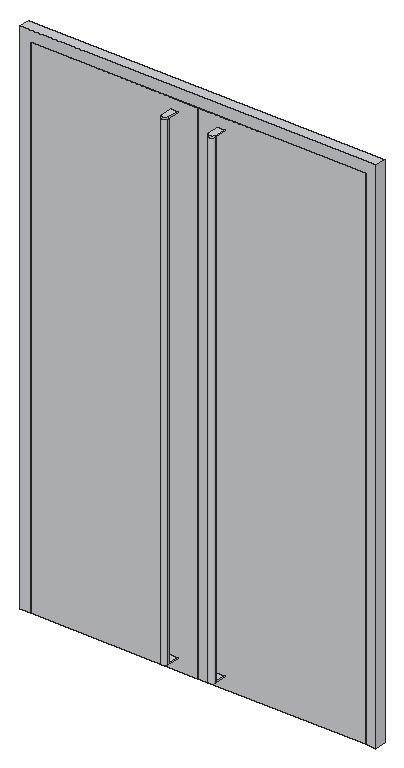
Revit family "CP-DR_2PI_Pivot Door", category Doors, Revit 2021
Family settings
  OmniClass Number = 23.25.20.14.11.11.17
  OmniClass Title = Infill Panels
  Always vertical = Yes
  Cut with Voids When Loaded = No
  Shared = No
  Room Calculation Point = Yes
Parameters (values of type "50_Off0_DS")
  YN_PanicBar = no
  YN_Opening_Symmetrical = yes
  YN_Opening_DoubleSide = yes
  YN_Handle_Internal = yes
  YN_Handle_External = yes
  Thickness = 0 mm  # constant formula
  TX_TypeCode = ""
  TX_Host [instance] = ""
  MA_Panel = none
  MA_Handle = none
  MA_Frame = none
  Function = Interior
  Description = "Porta a due ante simmetriche a bilico va e vieni."
  Define Thermal Properties by = Schematic Type
  DI_Width_Rough [instance] = 1663.8 mm
  DI_Width_Clear [instance] = DI_Width - (DI_Hinge_OffsetX * 2) - DI_Panel_Thickness  # 1233.8 mm
  DI_Width [instance] = DI_Width_Rough - (DI_Frame_Width * 2)  # 1563.8 mm
  DI_Penel_OffsetYC = 300 mm + DI_Panel_OffsetY  # 300 mm
  DI_Panel_Thickness = 50 mm
  DI_Panel_OffsetY = 0 mm
  DI_Panel_Height [instance] = DI_Height  # 2388.4 mm
  DI_Panel2_Width = 1200 mm
  DI_Panel1_Width [instance] = DI_Width - DI_Panel2_WidthC  # 781.9 mm
  DI_Opening_Angle = 90.00°
  DI_Panel2_WidthC [instance] = if(YN_Opening_Symmetrical, DI_Width / 2, DI_Panel2_Width)  # 781.9 mm
  DI_Hinge_OffsetX = 140 mm
  DI_Height_Rough [instance] = 2438.4 mm
  DI_Height_Clear [instance] = DI_Height  # 2388.4 mm
  DI_Height [instance] = DI_Height_Rough - DI_Frame_Width  # 2388.4 mm
  DI_Handle_OffsetZ = 50 mm
  DI_Handle_OffsetX = 250 mm
  DI_Handle2_Width [instance] = DI_Panel2_WidthC - DI_Hinge_OffsetX  # 641.9 mm
  DI_Handle1_Width [instance] = DI_Panel1_Width - DI_Hinge_OffsetX  # 641.9 mm
  DI_Frame_Width = 50 mm
  DI_Frame_Thickness = DI_Panel_Thickness  # 50 mm
  DI_Angle = 0.00°
  Analytic Construction = "<None>"
Types (12, lengths in mm): name | YN_PanicBar | YN_Opening_Symmetrical | YN_Opening_DoubleSide | YN_Handle_Internal | Function | Description | DI_Penel_OffsetYC | DI_Panel_OffsetY | DI_Panel1_Width | DI_Panel2_WidthC | DI_Handle2_Width | DI_Handle1_Width
  50_Off0_DS | no | yes | yes | yes | Interior | "Porta a due ante simmetriche a bilico va e vieni." | 300 | 0 | 781.9 | 781.9 | 641.9 | 641.9
  50_Off150_DS | no | yes | yes | yes | Interior | "Porta a due ante simmetriche a bilico va e vieni." | 450 | 150 | 781.9 | 781.9 | 641.9 | 641.9
  50_Off0_PB | yes | yes | no | no | Interior | "Porta a due ante simmetriche a bilico, con maniglione." | 300 | 0 | 781.9 | 781.9 | 641.9 | 641.9
  50_Off0 | no | yes | no | yes | Interior | "Porta a due ante simmetriche a bilico." | 300 | 0 | 781.9 | 781.9 | 641.9 | 641.9
  50_Off150_PB | yes | yes | no | no | Interior | "Porta a due ante simmetriche a bilico, con maniglione." | 450 | 150 | 781.9 | 781.9 | 641.9 | 641.9
  50_Off150 | no | yes | no | yes | Interior | "Porta a due ante simmetriche a bilico." | 450 | 150 | 781.9 | 781.9 | 641.9 | 641.9
  (1200+x)_50_Off0_DS | no | no | yes | yes | Interior | "Porta a due ante asimmetriche a bilico va e vieni." | 300 | 0 | 363.8 | 1200 | 1060 | 223.8
  (1200+x)_50_Off150_DS | no | no | yes | yes | Interior | "Porta a due ante asimmetriche a bilico va e vieni." | 450 | 150 | 363.8 | 1200 | 1060 | 223.8
  (1200+x)_50_Off0_PB | yes | no | no | no | Interior | "Porta a due ante asimmetriche a bilico, con maniglione." | 300 | 0 | 363.8 | 1200 | 1060 | 223.8
  (1200+x)_50_Off0 | no | no | no | yes | Interior | "Porta a due ante asimmetriche a bilico." | 300 | 0 | 363.8 | 1200 | 1060 | 223.8
  (1200+x)_50_Off150_PB | yes | no | no | no | Exterior | "Porta a due ante asimmetriche a bilico, con maniglione." | 450 | 150 | 363.8 | 1200 | 1060 | 223.8
  (1200+x)_50_Off150 | no | no | no | yes | Interior | "Porta a due ante asimmetriche a bilico." | 450 | 150 | 363.8 | 1200 | 1060 | 223.8
Reference planes
  plane 1 "Front": y = 0
  plane 2: z = 0
  plane 3 "Center (Left/Right)": x = 0
  plane 4 "Left": x = -831.877
  plane 5 "Right": x = 831.923
  plane 6 "Top": z = 2438.4
  plane 7 "Front Panel": y = 0
  plane 8 "Back Panel": y = 50
  plane 9 "Posizione Cerniera Y": x = -641.877
  plane 10 "MidllePanel": y = 25
  plane 11 "Posizione Cerniera Z": x = 641.877
  plane 12 "Origin offset": y = -300
  plane 13 "Panel Right": x = 781.923
  plane 14 "Q": x = -781.877
Lines and regions (mm)
  reference lines
    curve 1: line (-641.877, 25, 0) -> (18.123, 25, 0)
    curve 2: line (-641.877, 25, 0) -> (-641.877, 605, 0)
    curve 3: line (-641.877, 25, 0) -> (-641.877, -575, 0)
    curve 4: line (641.877, 25, 0) -> (21.877, 25, 0)
    curve 5: line (641.877, 25, 0) -> (641.877, 605, 0)
    curve 6: line (641.877, 25, 0) -> (641.877, -575, 0)
Text (mm)
  text "Exterior" at (-1379.057, 797.241, 0), in view "Ref. Level"
  text "Exterior" at (12192, 1055.114, 2275.943), in view "Right"
  text "Exterior" at (-6096, 1468.734, 2687.031), in view "Left"
  text "PAN. 1" at (-370.607, 1010.162, 0), in view "Ref. Level"
  text "PAN. 2" at (318.045, 1010.162, 0), in view "Ref. Level"
Dimensions and locks
  "DI_Panel_Thickness": plane 8 "Back Panel" to plane 7 "Front Panel"
  "DI_Hinge_OffsetX": plane 14 "Q" to plane 9 "Posizione Cerniera Y"
  equal spacing: plane 8 "Back Panel", plane 10 "MidllePanel", plane 7 "Front Panel"
  "DI_Height_Rough": plane 2 to plane 6 "Top"
  equal spacing: plane 9 "Posizione Cerniera Y", plane 3 "Center (Left/Right)", plane 11 "Posizione Cerniera Z"
  "DI_Penel_OffsetYC": plane 7 "Front Panel" to plane 12 "Origin offset"
  locked: plane 1 "Front" to plane 12 "Origin offset" at 300
  "DI_Width_Rough": plane 4 "Left" to plane 5 "Right"
  "DI_Frame_Width": plane 13 "Panel Right" to plane 5 "Right"
  "DI_Frame_Width": plane 4 "Left" to plane 14 "Q"
  "DI_Angle": angle plane 10 "MidllePanel" to curve 1
  "DI_Opening_Angle": angle plane 10 "MidllePanel" to curve 2
  "DI_Opening_Angle": angle curve 3 to plane 10 "MidllePanel"
  "DI_Opening_Angle": angle curve 5 to plane 10 "MidllePanel"
  "DI_Angle": angle curve 4 to plane 10 "MidllePanel"
  "DI_Opening_Angle": angle plane 10 "MidllePanel" to curve 6
  aligned and locked: level to plane 2
  aligned and locked: plane 9 "Posizione Cerniera Y" to curve 2
  aligned and locked: plane 10 "MidllePanel" to curve 3
  aligned and locked: plane 10 "MidllePanel" to curve 6
  aligned and locked: plane 11 "Posizione Cerniera Z" to curve 5
  aligned and locked: plane 3 "Center (Left/Right)" to nested 13
  aligned and locked: nested 13 to plane 10 "MidllePanel"
Nested families
  nested 1: "DR.PN_Panel Pivot" at (-390.927, 25, 0), DI_Panel_Thickness <- "DI_Panel_Thickness", DI_PivotHinge_Offset <- "DI_Hinge_OffsetX", DI_Opening_Projection_Angle <- "DI_Opening_Angle", DI_Panel_Height <- "DI_Panel_Height", YN_DoubleSideOpening <- "YN_Opening_DoubleSide", DI_Panel_Width <- "DI_Panel1_Width", MA_Panel <- "MA_Panel", type "Pivot"
    with YN_DoubleSideOpening yes, Thickness 0 mm, MA_Panel none, DI_PivotHinge_Offset 140 mm, DI_Panel_Width 781.9 mm, DI_Panel_Thickness 50 mm, DI_Panel_Height 2388.4 mm, DI_Opening_Projection_Angle 90.00°
  nested 2: "DR.PN_Panel Pivot" at (-641.877, 275.95, 0) x (0, 1, 0) z (0, 0, 1), DI_Panel_Height <- "DI_Panel_Height", DI_Panel_Thickness <- "DI_Panel_Thickness", DI_PivotHinge_Offset <- "DI_Hinge_OffsetX", DI_Opening_Projection_Angle <- "DI_Opening_Angle", YN_DoubleSideOpening <- "YN_Opening_DoubleSide", DI_Panel_Width <- "DI_Panel1_Width", type "Pivot_Projection"
    with YN_DoubleSideOpening yes, Thickness 0 mm, MA_Panel none, DI_PivotHinge_Offset 140 mm, DI_Panel_Width 781.9 mm, DI_Panel_Thickness 50 mm, DI_Panel_Height 2388.4 mm, DI_Opening_Projection_Angle 90.00°
  nested 3: "DR.PN_Panel Pivot" at (-641.877, -225.95, 0) x (0, -1, 0) z (0, 0, 1), DI_Panel_Height <- "DI_Panel_Height", DI_Panel_Thickness <- "DI_Panel_Thickness", DI_PivotHinge_Offset <- "DI_Hinge_OffsetX", visible <- "YN_Opening_DoubleSide", DI_Panel_Width <- "DI_Panel1_Width", type "Pivot_Projection"
    with YN_DoubleSideOpening no, Thickness 0 mm, MA_Panel none, DI_PivotHinge_Offset 140 mm, DI_Panel_Width 781.9 mm, DI_Panel_Thickness 50 mm, DI_Panel_Height 2388.4 mm, DI_Opening_Projection_Angle 90.00°
  nested 4: "DR.PN_Panel Pivot" at (390.927, 25, 0) x (-1, 0, 0) z (0, 0, 1), DI_Panel_Thickness <- "DI_Panel_Thickness", DI_PivotHinge_Offset <- "DI_Hinge_OffsetX", DI_Opening_Projection_Angle <- "DI_Opening_Angle", DI_Panel_Height <- "DI_Panel_Height", YN_DoubleSideOpening <- "YN_Opening_DoubleSide", DI_Panel_Width <- "DI_Panel2_WidthC", MA_Panel <- "MA_Panel", type "Pivot"
    with YN_DoubleSideOpening yes, Thickness 0 mm, MA_Panel none, DI_PivotHinge_Offset 140 mm, DI_Panel_Width 781.9 mm, DI_Panel_Thickness 50 mm, DI_Panel_Height 2388.4 mm, DI_Opening_Projection_Angle 90.00°
  nested 5: "DR.PN_Panel Pivot" at (641.877, 275.95, 0) x (0, 1, 0) z (0, 0, 1), DI_Panel_Height <- "DI_Panel_Height", DI_Panel_Thickness <- "DI_Panel_Thickness", DI_PivotHinge_Offset <- "DI_Hinge_OffsetX", DI_Opening_Projection_Angle <- "DI_Opening_Angle", YN_DoubleSideOpening <- "YN_Opening_DoubleSide", DI_Panel_Width <- "DI_Panel2_WidthC", type "Pivot_Projection"
    with YN_DoubleSideOpening yes, Thickness 0 mm, MA_Panel none, DI_PivotHinge_Offset 140 mm, DI_Panel_Width 781.9 mm, DI_Panel_Thickness 50 mm, DI_Panel_Height 2388.4 mm, DI_Opening_Projection_Angle 90.00°
  nested 6: "DR.PN_Panel Pivot" at (641.877, -225.95, 0) x (0, -1, 0) z (0, 0, 1), DI_Panel_Height <- "DI_Panel_Height", DI_Panel_Thickness <- "DI_Panel_Thickness", DI_PivotHinge_Offset <- "DI_Hinge_OffsetX", visible <- "YN_Opening_DoubleSide", DI_Panel_Width <- "DI_Panel2_WidthC", type "Pivot_Projection"
    with YN_DoubleSideOpening no, Thickness 0 mm, MA_Panel none, DI_PivotHinge_Offset 140 mm, DI_Panel_Width 781.9 mm, DI_Panel_Thickness 50 mm, DI_Panel_Height 2388.4 mm, DI_Opening_Projection_Angle 90.00°
  nested 7: "DR.HA_Handle_Pole_HW" at (616.877, 25, 0) x (0, -1, 0) z (0, 0, 1), DI_Panel_Height <- "DI_Panel_Height", DI_Panel_Thickness <- "DI_Panel_Thickness", visible <- "YN_Opening_DoubleSide", DI_Panel_Width <- "DI_Panel2_WidthC", DI_Handle_OffsetX <- "DI_Handle_OffsetX", YN_Handle_External <- "YN_Handle_External", YN_Handle_Internal <- "YN_Handle_Internal", type "Projection"
    with YN_Handle_Internal yes, YN_Handle_External yes, MA_Handle none, DI_Panel_Width 781.9 mm, DI_Panel_Thickness 50 mm, DI_Panel_OffsetYC 25 mm, DI_Panel_OffsetY 0 mm, DI_Panel_Height 2388.4 mm, DI_Handle_OffsetX 250 mm, DI_Handle_HeightC 388.4 mm, DI_Handle_Height 148.093 mm, YN_Opening_Pivot yes
  nested 8: "DR.HA_Handle_Pole_HW" at (666.877, 25, 0) x (0, 1, 0) z (0, 0, 1), DI_Panel_Height <- "DI_Panel_Height", DI_Panel_Thickness <- "DI_Panel_Thickness", DI_Panel_Width <- "DI_Panel2_WidthC", DI_Handle_OffsetX <- "DI_Handle_OffsetX", YN_Handle_External <- "YN_Handle_External", YN_Handle_Internal <- "YN_Handle_Internal", type "Projection"
    with YN_Handle_Internal yes, YN_Handle_External yes, MA_Handle none, DI_Panel_Width 781.9 mm, DI_Panel_Thickness 50 mm, DI_Panel_OffsetYC 25 mm, DI_Panel_OffsetY 0 mm, DI_Panel_Height 2388.4 mm, DI_Handle_OffsetX 250 mm, DI_Handle_HeightC 388.4 mm, DI_Handle_Height 148.093 mm, YN_Opening_Pivot yes
  nested 9: "DR.HA_Handle_Pole_HW" at (-616.877, 25, 0) x (0, -1, 0) z (0, 0, 1), DI_Panel_Height <- "DI_Panel_Height", DI_Panel_Thickness <- "DI_Panel_Thickness", visible <- "YN_Opening_DoubleSide", DI_Panel_Width <- "DI_Panel1_Width", DI_Handle_OffsetX <- "DI_Handle_OffsetX", YN_Handle_External <- "YN_Handle_External", YN_Handle_Internal <- "YN_Handle_Internal", type "Projection"
    with YN_Handle_Internal yes, YN_Handle_External yes, MA_Handle none, DI_Panel_Width 781.9 mm, DI_Panel_Thickness 50 mm, DI_Panel_OffsetYC 25 mm, DI_Panel_OffsetY 0 mm, DI_Panel_Height 2388.4 mm, DI_Handle_OffsetX 250 mm, DI_Handle_HeightC 388.4 mm, DI_Handle_Height 148.093 mm, YN_Opening_Pivot yes
  nested 10: "DR.HA_Handle_Pole_HW" at (-666.877, 25, 0) x (0, 1, 0) z (0, 0, 1), DI_Panel_Height <- "DI_Panel_Height", DI_Panel_Thickness <- "DI_Panel_Thickness", DI_Panel_Width <- "DI_Panel1_Width", DI_Handle_OffsetX <- "DI_Handle_OffsetX", YN_Handle_External <- "YN_Handle_External", YN_Handle_Internal <- "YN_Handle_Internal", type "Projection"
    with YN_Handle_Internal yes, YN_Handle_External yes, MA_Handle none, DI_Panel_Width 781.9 mm, DI_Panel_Thickness 50 mm, DI_Panel_OffsetYC 25 mm, DI_Panel_OffsetY 0 mm, DI_Panel_Height 2388.4 mm, DI_Handle_OffsetX 250 mm, DI_Handle_HeightC 388.4 mm, DI_Handle_Height 148.093 mm, YN_Opening_Pivot yes
  nested 11: "DR.HA_Handle_Pole_HW" at (641.877, 50, 0) x (-1, 0, 0) z (0, 0, 1), DI_Panel_Thickness <- "DI_Panel_Thickness", DI_Panel_Height <- "DI_Panel_Height", DI_Panel_Width <- "DI_Panel2_WidthC", DI_Handle_OffsetX <- "DI_Handle_OffsetX", MA_Handle <- "MA_Handle", YN_Handle_External <- "YN_Handle_External", YN_Handle_Internal <- "YN_Handle_Internal", type "Cut"
    with YN_Handle_Internal yes, YN_Handle_External yes, MA_Handle none, DI_Panel_Width 781.9 mm, DI_Panel_Thickness 50 mm, DI_Panel_OffsetYC 25 mm, DI_Panel_OffsetY 0 mm, DI_Panel_Height 2388.4 mm, DI_Handle_OffsetX 250 mm, DI_Handle_HeightC 2288.4 mm, DI_Handle_Height 500 mm, YN_Opening_Pivot yes
  nested 12: "DR.HA_Handle_Pole_HW" at (-641.877, 50, 0), DI_Panel_Thickness <- "DI_Panel_Thickness", DI_Panel_Height <- "DI_Panel_Height", DI_Panel_Width <- "DI_Panel1_Width", DI_Handle_OffsetX <- "DI_Handle_OffsetX", MA_Handle <- "MA_Handle", YN_Handle_External <- "YN_Handle_External", YN_Handle_Internal <- "YN_Handle_Internal", type "Cut"
    with YN_Handle_Internal yes, YN_Handle_External yes, MA_Handle none, DI_Panel_Width 781.9 mm, DI_Panel_Thickness 50 mm, DI_Panel_OffsetYC 25 mm, DI_Panel_OffsetY 0 mm, DI_Panel_Height 2388.4 mm, DI_Handle_OffsetX 250 mm, DI_Handle_HeightC 2288.4 mm, DI_Handle_Height 500 mm, YN_Opening_Pivot yes
  nested 13: "DR.FR_Generic Frame" at (0, 25, 0), DI_Width <- "DI_Width_Rough", DI_Height <- "DI_Height_Rough", DI_Frame_Thickness <- "DI_Frame_Thickness", DI_Frame_Width <- "DI_Frame_Width", type "0"
    with built-in parameter 1001301 0 mm, Thickness 0 mm, MA_Frame none, built-in parameter 1001300 0 mm, DI_Width 1663.8 mm, DI_Height 2438.4 mm, DI_Frame_Width 50 mm, DI_Frame_Thickness 50 mm
  nested 14: "DR.HA_Handle_Panicbar_HW" at (713.374, 25, 0) x (0, 1, 0) z (0, 0, 1), DI_Panel_Thickness <- "DI_Panel_Thickness", DI_Panel_Width <- "DI_Handle2_Width", YN_Handle_Internal <- "YN_PanicBar", type "Projection"
    with YN_Handle_Internal no, YN_Handle_External no, MA_Handle none, DI_Panel_Width 641.9 mm, DI_Panel_Thickness 50 mm, DI_Panel_OffsetYC 25 mm, DI_Panel_OffsetY 0 mm, DI_Handle_OffsetZ 1000 mm, DI_Handle_OffsetX 320.95 mm, YN_Opening_Pivot yes
  nested 15: "DR.HA_Handle_Panicbar_HW" at (-713.374, 25, 0) x (0, 1, 0) z (0, 0, 1), DI_Panel_Thickness <- "DI_Panel_Thickness", DI_Panel_Width <- "DI_Handle1_Width", YN_Handle_Internal <- "YN_PanicBar", type "Projection"
    with YN_Handle_Internal no, YN_Handle_External no, MA_Handle none, DI_Panel_Width 641.9 mm, DI_Panel_Thickness 50 mm, DI_Panel_OffsetYC 25 mm, DI_Panel_OffsetY 0 mm, DI_Handle_OffsetZ 1000 mm, DI_Handle_OffsetX 320.95 mm, YN_Opening_Pivot yes
  nested 16: "DR.HA_Handle_Panicbar_HW" at (641.877, 96.497, 0) x (-1, 0, 0) z (0, 0, 1), DI_Panel_Thickness <- "DI_Panel_Thickness", DI_Panel_Width <- "DI_Handle2_Width", YN_Handle_Internal <- "YN_PanicBar", type "Cut"
    with YN_Handle_Internal no, YN_Handle_External no, MA_Handle none, DI_Panel_Width 641.9 mm, DI_Panel_Thickness 50 mm, DI_Panel_OffsetYC 25 mm, DI_Panel_OffsetY 0 mm, DI_Handle_OffsetZ 900 mm, DI_Handle_OffsetX 320.95 mm, YN_Opening_Pivot yes
  nested 17: "DR.HA_Handle_Panicbar_HW" at (-641.877, 96.497, 0), DI_Panel_Thickness <- "DI_Panel_Thickness", DI_Panel_Width <- "DI_Handle1_Width", YN_Handle_Internal <- "YN_PanicBar", type "Cut"
    with YN_Handle_Internal no, YN_Handle_External no, MA_Handle none, DI_Panel_Width 641.9 mm, DI_Panel_Thickness 50 mm, DI_Panel_OffsetYC 25 mm, DI_Panel_OffsetY 0 mm, DI_Handle_OffsetZ 900 mm, DI_Handle_OffsetX 320.95 mm, YN_Opening_Pivot yes
Definition of nested family "DR.PN_Panel Pivot"
  Parameters (values of type "Pivot_Projection")
    YN_Swing = not(YN_Panel_Projection)  # no
    YN_Panel_Projection = yes
    YN_Panel = not(YN_Panel_Projection)  # no
    YN_DoubleSideOpening [instance] = no
    YN_3D = not(YN_Panel_Projection)  # no
    Width = 0 mm  # constant formula
    Thickness [instance] = 0 mm  # constant formula
    Rough Width = 0 mm  # constant formula
    Rough Height = 0 mm  # constant formula
    MA_Panel [instance] = none
    Height = 0 mm  # constant formula
    Define Thermal Properties by = 1
    Default Elevation = 0 mm  # constant formula
    DI_PivotHinge_Offset [instance] = 100 mm
    DI_Panel_Width [instance] = 1000 mm
    DI_Panel_Thickness [instance] = 100 mm
    DI_Panel_Height [instance] = 2100 mm
    DI_Opening_Projection_Angle [instance] = 60.00°
    Analytic Construction = "<None>"
  Types (2, lengths in mm): name | YN_Swing | YN_Panel_Projection | YN_Panel | YN_3D | DI_Panel_Width | DI_Opening_Projection_Angle
    Pivot | yes | no | yes | yes | 1200 | 90.00°
    Pivot_Projection | no | yes | no | no | 1000 | 60.00°
  Reference planes
    plane 1 "Center (Front/Back)": y = 0
    plane 2: z = 0
    plane 3 "Center (Left/Right)": x = 0
    plane 4 "Left": x = -500
    plane 5 "Right": x = 500
    plane 6 "FrontPanel": y = -50
    plane 7 "Top": z = 2100
    plane 8: z = 1050
    plane 9 "BackPanel": y = 50
    plane 10 "Y_Bilico": x = -400
  Forms (mm)
    Extrusion 1, solid, material <- "MA_Panel", visible <- "YN_3D"
      sketch origin (1340, 700, 0) x (1, 0, 0) y (0, 1, 0)
        loop
          line (-1840, -750) -> (-840, -750) -> (-840, -650) -> (-1840, -650) -> (-1840, -750)
      from 0 to 2100
  Lines and regions (mm)
    Masking region 1, visible <- "YN_Panel"
      outline origin (40, 290, 0) x (1, 0, 0) y (0, 1, 0)
        loop
          line (-540, -240) -> (-540, -340) -> (460, -340) -> (460, -240) -> (-540, -240)
    model lines, not visible
      curve 1: line (-400, -50, 2100) -> (500, -50, 1050)
      curve 2: line (-400, -50, 0) -> (500, -50, 1050)
      curve 7: line (-242.5, -50, 1050) -> (367.5, -50, 1050)
      curve 8: line (-242.5, 50, 1050) -> (367.5, 50, 1050)
    model lines, visible <- "YN_Swing"
      curve 3: line (-400, -50, 2100) -> (500, -50, 1050)
      curve 4: line (-400, -50, 0) -> (500, -50, 1050)
      curve 5: line (-400, 50, 2100) -> (500, 50, 1050)
      curve 6: line (500, 50, 1050) -> (-400, 50, 0)
      curve 15: line (-400, 50, 0) -> (-500, 50, 1050)
      curve 16: line (-500, 50, 1050) -> (-400, 50, 2100)
      curve 17: line (-400, -50, 0) -> (-500, -50, 1050)
      curve 18: line (-500, -50, 1050) -> (-400, -50, 2100)
      curve 19: line (-400, 50, 0) -> (-400, 50, 2100)
      curve 20: line (-400, -50, 0) -> (-400, -50, 2100)
    reference lines
      curve 9: line (-400, 0, 0) -> (-242.5, 272.798, 0)
      curve 12: line (-400, 0, 0) -> (-242.5, -272.798, 0)
    symbolic lines, visible <- "YN_Swing"
      curve 10: arc (500, 0, 0) -> (379.423, 450, 0) -> (50, 779.423, 0) r 900
      curve 11: arc (-500, 0, 0) -> (-486.603, -50, 0) -> (-450, -86.603, 0) r 100
    symbolic lines, visible <- "YN_DoubleSideOpening"
      curve 13: arc (500, 0, 0) -> (379.423, -450, 0) -> (50, -779.423, 0) r 900
      curve 14: arc (-500, 0, 0) -> (-486.603, 50, 0) -> (-450, 86.603, 0) r 100
    symbolic lines, visible <- "YN_Panel_Projection"
      curve 21: line (-500, 50, 0) -> (500, 50, 0)
    symbolic lines, visible <- "YN_Panel_Projection", detail levels medium+fine
      curve 22: line (-500, -50, 0) -> (-500, 50, 0)
      curve 23: line (500, -50, 0) -> (-500, -50, 0)
      curve 24: line (500, 50, 0) -> (500, -50, 0)
  Dimensions and locks
    "DI_Panel_Width": plane 4 "Left" to plane 5 "Right"
    equal spacing: plane 4 "Left", plane 3 "Center (Left/Right)", plane 5 "Right"
    "DI_Panel_Thickness": plane 6 "FrontPanel" to plane 9 "BackPanel"
    "DI_Panel_Height": plane 7 "Top" to plane 2
    equal spacing: plane 7 "Top", plane 8, plane 2
    plane 4 "Left" to plane 3 "Center (Left/Right)" = 500 mm
    equal spacing: plane 6 "FrontPanel", plane 1 "Center (Front/Back)", plane 9 "BackPanel"
    "DI_PivotHinge_Offset": plane 4 "Left" to plane 10 "Y_Bilico"
    plane 7 "Top" to curve 1 = 0 mm
    "DI_Opening_Projection_Angle": angle plane 1 "Center (Front/Back)" to curve 9
    "DI_Opening_Projection_Angle": angle curve 12 to plane 1 "Center (Front/Back)"
    aligned and locked: level to plane 2
    aligned and locked: plane 4 "Left" to Extrusion 1
    aligned and locked: plane 9 "BackPanel" to Extrusion 1
    aligned and locked: plane 5 "Right" to Extrusion 1
    aligned and locked: Extrusion 1 to plane 6 "FrontPanel"
    aligned and locked: plane 7 "Top" to Extrusion 1
    aligned and locked: curve 9 to curve 10
    aligned and locked: curve 11 to curve 9
    aligned and locked: plane 1 "Center (Front/Back)" to curve 11
    aligned and locked: plane 4 "Left" to curve 11
    aligned and locked: curve 12 to curve 13
    aligned and locked: curve 14 to curve 12
    aligned and locked: plane 1 "Center (Front/Back)" to curve 12
    aligned and locked: plane 10 "Y_Bilico" to curve 12
    aligned and locked: curve 19 to plane 10 "Y_Bilico"
    aligned and locked: plane 2 to curve 19
    aligned and locked: plane 7 "Top" to curve 19
    aligned and locked: plane 10 "Y_Bilico" to curve 20
    aligned and locked: plane 2 to curve 20
    aligned and locked: Masking region 1 sketch curve to plane 4 "Left"
    aligned and locked: Masking region 1 sketch curve to plane 5 "Right"
    aligned and locked: plane 6 "FrontPanel" to Masking region 1 sketch curve
    aligned and locked: Masking region 1 sketch curve to plane 9 "BackPanel"
    aligned and locked: curve 21 to plane 9 "BackPanel"
    aligned and locked: curve 22 to plane 4 "Left"
    aligned and locked: plane 6 "FrontPanel" to curve 23
    aligned and locked: curve 24 to plane 5 "Right"
  Automatic sketch dimensions
    curve 8 to curve 8 = 610 mm
    Extrusion 1 sketch curve to plane 4 "Left" = 0 mm
    Extrusion 1 sketch curve to plane 5 "Right" = 0 mm
    Extrusion 1 sketch curve to plane 6 "FrontPanel" = 0 mm
    Extrusion 1 sketch curve to plane 9 "BackPanel" = 0 mm
    curve 7 to plane 8 = 0 mm
    plane 10 "Y_Bilico" to curve 7 = 157.5 mm
    curve 7 to plane 5 "Right" = 132.5 mm
    curve 5 to plane 5 "Right" = 0 mm
    curve 8 to plane 8 = 0 mm
    plane 4 "Left" to curve 15 = 0 mm
    curve 5 to plane 8 = 0 mm
    curve 15 to plane 8 = 0 mm
    curve 8 to plane 5 "Right" = 132.5 mm
    plane 10 "Y_Bilico" to curve 8 = 157.5 mm
    curve 1 to plane 5 "Right" = 0 mm
    plane 4 "Left" to curve 17 = 0 mm
    curve 1 to plane 8 = 0 mm
    curve 18 to plane 8 = 0 mm
    curve 10 to curve 11 = 0 mm  (x2)
    curve 11 to curve 14 = 0 mm
    curve 13 to curve 14 = 0 mm
    curve 14 to plane 10 "Y_Bilico" = 0 mm
    curve 13 to plane 5 "Right" = 0 mm
Definition of nested family "DR.HA_Handle_Pole_HW"
  Parameters (values of type "Cut")
    YN_Opening_Pivot = no
    YN_Handle_Internal [instance] = yes
    YN_Handle_External [instance] = yes
    MA_Handle [instance] = none
    Handle = DR.HA_Handle_Pole : Cut
    FullHeight = yes
    Define Thermal Properties by = 1
    Default Elevation = 0 mm  # constant formula
    DI_Panel_Width [instance] = 900 mm
    DI_Panel_Thickness [instance] = 60 mm
    DI_Panel_OffsetYC [instance] = if(YN_Opening_Pivot, (DI_Panel_Thickness / 2), DI_Panel_OffsetY)  # 0 mm
    DI_Panel_OffsetY [instance] = 0 mm
    DI_Panel_Height [instance] = 2148.093 mm
    DI_Handle_OffsetZ = 50 mm
    DI_Handle_OffsetX [instance] = 50 mm
    DI_Handle_HeightC [instance] = if(FullHeight, DI_Panel_Height - (DI_Handle_OffsetZ * 2), DI_Handle_Height)  # 2048.093 mm
    DI_Handle_Height [instance] = 500 mm
    Analytic Construction = "<None>"
  Types (2, lengths in mm): name | Handle | DI_Panel_Thickness | DI_Handle_OffsetZ | DI_Handle_HeightC | DI_Handle_Height
    Projection | DR.HA_Handle_Pole : Projection | 40 | 1000 | 148.093 | 148.093
    Cut | DR.HA_Handle_Pole : Cut | 60 | 50 | 2048.093 | 500
  Reference planes
    plane 1 "Panel_Ext": y = -25
    plane 2: z = 0
    plane 3 "Center (Left/Right)": x = 0
    plane 4 "Panel_Int": y = -85
    plane 5: z = 50
    plane 6: x = 900
    plane 7: x = 850
    plane 8: z = 2148.093
    plane 9 "Origin": y = -25
  Lines and regions (mm)
    symbolic lines, detail levels coarse
      curve 1: line (0, -85, 0) -> (0, -25, 0)
  Dimensions and locks
    "DI_Panel_Thickness": plane 4 "Panel_Int" to plane 1 "Panel_Ext"
    "DI_Handle_OffsetZ": plane 2 to plane 5
    "DI_Panel_Width": plane 6 to plane 3 "Center (Left/Right)"
    "DI_Handle_OffsetX": plane 6 to plane 7
    "DI_Panel_Height": plane 8 to level
    "DI_Panel_OffsetYC": plane 1 "Panel_Ext" to plane 9 "Origin"
    aligned and locked: plane 2 to level
    aligned and locked: plane 4 "Panel_Int" to nested 2
    aligned and locked: plane 7 to nested 1
    aligned and locked: nested 2 to plane 7
    aligned and locked: plane 1 "Panel_Ext" to nested 1
  Automatic sketch dimensions
    plane 1 "Panel_Ext" to curve 1 = 0 mm
    curve 1 to plane 3 "Center (Left/Right)" = 0 mm
    plane 4 "Panel_Int" to curve 1 = 0 mm
  Nested families
    nested 1: "DR.HA_Handle_Pole" at (850, -25, 50), visible <- "YN_Handle_External", built-in parameter 1001364 <- "DI_Handle_OffsetZ", MA_Handle <- "MA_Handle", type <- "Handle", DI_Height <- "DI_Handle_HeightC", type "Cut"
      with MA_Handle none, DI_Height 2048.093 mm
    nested 2: "DR.HA_Handle_Pole" at (850, -85, 50), visible <- "YN_Handle_Internal", built-in parameter 1001364 <- "DI_Handle_OffsetZ", MA_Handle <- "MA_Handle", type <- "Handle", DI_Height <- "DI_Handle_HeightC", type "Cut"
      with MA_Handle none, DI_Height 2048.093 mm
  Definition of nested family "DR.HA_Handle_Pole"
    Parameters (values of type "Cut")
      YN_Graphics_Projection = yes
      YN_Graphics_Cut = no
      YN_3D = yes
      MA_Handle [instance] = none
      Define Thermal Properties by = 1
      Default Elevation = 0 mm  # constant formula
      DI_Height [instance] = 1737.643 mm
      Analytic Construction = "<None>"
    Types (2, lengths in mm): name | YN_3D
      Cut | yes
      Projection | no
    Reference planes
      plane 1 "Center (Front/Back)": y = 0
      plane 2: z = 0
      plane 3 "Center (Left/Right)": x = 0
      plane 4: z = 1737.643
    Forms (mm)
      Extrusion 1, solid, material <- "MA_Handle", visible <- "YN_3D"
        sketch origin (0, 0, 0) x (1, 0, 0) y (0, 1, 0)
          loop
            line (-15, 0) -> (-15, -51)
            arc (-15, -51) -> (0, -66) -> (15, -51) r 15
            line (15, -51) -> (15, 0) -> (-15, 0)
        from 0 to 5
      Extrusion 2, solid, material <- "MA_Handle", visible <- "YN_3D"
        sketch origin (0, -4, 0) x (1, 0, 0) y (0, 1, 0)
          loop
            circle (0, -51) r 15
        from 0 to 1737.643 <- "DI_Height"
      Extrusion 3, solid, material <- "MA_Handle", visible <- "YN_3D"
        sketch origin (0, 0, 0) x (1, 0, 0) y (0, 1, 0)
          loop
            line (-15, 0) -> (-15, -55)
            arc (-15, -55) -> (0, -70) -> (15, -55) r 15
            line (15, -55) -> (15, 0) -> (-15, 0)
        from 1732.643 to 1737.643 <- "DI_Height"
    Cuts and joins
      joined: Extrusion 1, Extrusion 2, Extrusion 3
    Lines and regions (mm)
      Masking region 1, visible <- "YN_Graphics_Cut"
        outline origin (0, 0, 0) x (1, 0, 0) y (0, 1, 0)
          loop
            line (-15, 0) -> (-15, -55)
            arc (-15, -55) -> (0, -70) -> (15, -55) r 15
            line (15, -55) -> (15, 0) -> (-15, 0)
      symbolic lines, visible <- "YN_Graphics_Cut", detail levels medium+fine
        curve 1: arc (15, -55, 0) -> (0, -40, 0) -> (-15, -55, 0) r 15
      symbolic lines, visible <- "YN_Graphics_Projection"
        curve 2: line (-15, 0, 0) -> (-15, -55, 0)
        curve 3: arc (-15, -55, 0) -> (0, -70, 0) -> (15, -55, 0) r 15
        curve 4: line (15, -55, 0) -> (15, 0, 0)
        curve 5: line (15, 0, 0) -> (-15, 0, 0)
      symbolic lines, visible <- "YN_Graphics_Projection", detail levels medium+fine
        curve 6: arc (15, -55, 0) -> (0, -40, 0) -> (-15, -55, 0) r 15
    Dimensions and locks
      "DI_Height": plane 4 to level
      locked: plane 4 to Extrusion 3 at 5
      aligned and locked: plane 2 to level
    Automatic sketch dimensions
      plane 1 "Center (Front/Back)" to Extrusion 1 sketch curve = 0 mm
      Extrusion 1 sketch curve to plane 3 "Center (Left/Right)" = 0 mm
      Extrusion 1 sketch curve to plane 3 "Center (Left/Right)" = 15 mm
      plane 1 "Center (Front/Back)" to Extrusion 1 sketch curve = 51 mm
      Extrusion 2 sketch curve to Extrusion 2 sketch curve = 0 mm  (x2)
      Extrusion 2 sketch curve to plane 3 "Center (Left/Right)" = 0 mm
      plane 1 "Center (Front/Back)" to Extrusion 2 sketch curve = 55 mm
      Extrusion 2 sketch curve to Extrusion 2 sketch curve = 15 mm
      plane 1 "Center (Front/Back)" to Extrusion 3 sketch curve = 0 mm
      Extrusion 3 sketch curve to plane 3 "Center (Left/Right)" = 0 mm
      Extrusion 3 sketch curve to plane 3 "Center (Left/Right)" = 15 mm
      plane 1 "Center (Front/Back)" to Extrusion 3 sketch curve = 55 mm
      plane 1 "Center (Front/Back)" to Masking region 1 sketch curve = 0 mm
      Masking region 1 sketch curve to plane 3 "Center (Left/Right)" = 15 mm
      plane 3 "Center (Left/Right)" to Masking region 1 sketch curve = 15 mm
      plane 1 "Center (Front/Back)" to Masking region 1 sketch curve = 55 mm
      curve 1 to plane 3 "Center (Left/Right)" = 0 mm
      plane 1 "Center (Front/Back)" to curve 1 = 55 mm
      curve 1 to plane 3 "Center (Left/Right)" = 15 mm
      curve 1 to curve 3 = 0 mm  (x2)
      plane 1 "Center (Front/Back)" to curve 5 = 0 mm
      curve 5 to plane 3 "Center (Left/Right)" = 15 mm
Definition of nested family "DR.FR_Generic Frame"
  Parameters (values of type "0")
    Width [instance] = 0 mm  # constant formula
    Thickness [instance] = 0 mm  # constant formula
    MA_Frame [instance] = none
    Height [instance] = 0 mm  # constant formula
    Define Thermal Properties by = 1
    Default Elevation = 0 mm
    DI_Width [instance] = 1200 mm
    DI_Height [instance] = 2100 mm
    DI_Frame_Width [instance] = 80 mm
    DI_Frame_Thickness [instance] = 150 mm
    Analytic Construction = "<None>"
  Reference planes
    plane 1 "Center (Front/Back)": y = 0
    plane 2: z = 0
    plane 3 "Center (Left/Right)": x = 0
    plane 4 "Left": x = -600
    plane 5 "Right": x = 600
    plane 6 "FrontFrame": y = -75
    plane 7 "Top": z = 2100
    plane 8: z = 1050
    plane 9: x = -520
    plane 10: x = 520
    plane 11 "BackFrame": y = 75
  Forms (mm)
    Sweep 1, solid, material <- "MA_Frame"
      path origin (0, -75, 0) x (-1, 0, 0) y (0, 0, 1)
        loop
          line (600, 0) -> (600, 2100) -> (-600, 2100) -> (-600, 0)
      profile origin (-600, -75, 1050) x (1, 0, 0) y (0, 1, 0)
        loop
          line (80, 150) -> (0, 150) -> (0, 0) -> (80, 0) -> (80, 150)
  Lines and regions (mm)
    Masking region 1
      outline origin (0, 0, 0) x (1, 0, 0) y (0, 1, 0)
        loop
          line (-600, -75) -> (-520, -75) -> (-520, 75) -> (-600, 75) -> (-600, -75)
    Masking region 2
      outline origin (0, 0, 0) x (1, 0, 0) y (0, 1, 0)
        loop
          line (600, -75) -> (600, 75) -> (520, 75) -> (520, -75) -> (600, -75)
  Dimensions and locks
    "DI_Width": plane 4 "Left" to plane 5 "Right"
    equal spacing: plane 4 "Left", plane 3 "Center (Left/Right)", plane 5 "Right"
    "DI_Frame_Thickness": plane 6 "FrontFrame" to plane 11 "BackFrame"
    "DI_Height": plane 7 "Top" to plane 2
    equal spacing: plane 7 "Top", plane 8, plane 2
    "DI_Frame_Width": plane 4 "Left" to plane 9
    "DI_Frame_Width": plane 10 to plane 5 "Right"
    equal spacing: plane 6 "FrontFrame", plane 1 "Center (Front/Back)", plane 11 "BackFrame"
    aligned and locked: level to plane 2
    aligned and locked: plane 4 "Left" to Sweep 1 sketch curve
    aligned and locked: plane 7 "Top" to Sweep 1 sketch curve
    aligned and locked: Sweep 1 sketch curve to plane 5 "Right"
    aligned and locked: plane 2 to Sweep 1 sketch curve  (x2)
    aligned and locked: Sweep 1 sketch curve to plane 9
    aligned and locked: Sweep 1 sketch curve to plane 6 "FrontFrame"
    aligned and locked: Sweep 1 sketch curve to plane 4 "Left"
    aligned and locked: Masking region 1 sketch curve to plane 4 "Left"
    aligned and locked: Masking region 1 sketch curve to plane 9
    aligned and locked: Masking region 1 sketch curve to plane 6 "FrontFrame"
    aligned and locked: plane 5 "Right" to Masking region 2 sketch curve
    aligned and locked: Masking region 2 sketch curve to plane 10
    aligned and locked: Masking region 2 sketch curve to plane 6 "FrontFrame"
    aligned and locked: plane 11 "BackFrame" to Masking region 1
    aligned and locked: plane 11 "BackFrame" to Masking region 2
    aligned and locked: plane 11 "BackFrame" to Sweep 1 sketch curve
  Automatic sketch dimensions
    Masking region 1 sketch curve to plane 1 "Center (Front/Back)" = 75 mm
    Masking region 2 sketch curve to plane 1 "Center (Front/Back)" = 75 mm
Definition of nested family "DR.HA_Handle_Panicbar_HW"
  Parameters (values of type "Projection")
    YN_Opening_Pivot = no
    YN_Handle_Internal [instance] = yes
    YN_Handle_External [instance] = no
    MA_Handle [instance] = none
    Handle = DR.HA_Handle_Panicbar : Projection
    Define Thermal Properties by = 1
    Default Elevation = 0 mm  # constant formula
    DI_Panel_Width [instance] = 900 mm
    DI_Panel_Thickness [instance] = 40 mm
    DI_Panel_OffsetYC [instance] = if(YN_Opening_Pivot, (DI_Panel_Thickness / 2), DI_Panel_OffsetY)  # 0 mm
    DI_Panel_OffsetY [instance] = 0 mm
    DI_Handle_OffsetZ [instance] = 1000 mm
    DI_Handle_OffsetX [instance] = DI_Panel_Width / 2  # 450 mm
    Analytic Construction = "<None>"
  Types (2, lengths in mm): name | Handle | DI_Panel_Width | DI_Handle_OffsetX
    Projection | DR.HA_Handle_Panicbar : Projection | 900 | 450
    Cut | DR.HA_Handle_Panicbar : Cut | 800 | 400
  Reference planes
    plane 1 "Panel_Ext": y = -71.497
    plane 2: z = 0
    plane 3 "Center (Left/Right)": x = 0
    plane 4 "Panel_Int": y = -111.497
    plane 5: z = 1000
    plane 6: x = 900
    plane 7: x = 450
    plane 8 "Origin": y = -71.497
  Lines and regions (mm)
    symbolic lines, detail levels coarse
      curve 1: line (0, -111.497, 0) -> (0, -71.497, 0)
  Dimensions and locks
    "DI_Panel_Thickness": plane 4 "Panel_Int" to plane 1 "Panel_Ext"
    "DI_Handle_OffsetZ": plane 2 to plane 5
    "DI_Panel_Width": plane 6 to plane 3 "Center (Left/Right)"
    "DI_Handle_OffsetX": plane 6 to plane 7
    "DI_Panel_OffsetYC": plane 1 "Panel_Ext" to plane 8 "Origin"
    aligned and locked: plane 2 to level
    aligned and locked: plane 4 "Panel_Int" to nested 1
    aligned and locked: nested 1 to plane 7
  Automatic sketch dimensions
    plane 1 "Panel_Ext" to curve 1 = 0 mm
    curve 1 to plane 3 "Center (Left/Right)" = 0 mm
    plane 4 "Panel_Int" to curve 1 = 0 mm
  Nested families
    nested 1: "DR.HA_Handle_Panicbar" at (450, -111.497, 1000), visible <- "YN_Handle_Internal", built-in parameter 1001364 <- "DI_Handle_OffsetZ", type <- "Handle", DI_Width <- "DI_Panel_Width", type "Projection"
      with DI_Width 900 mm
  Definition of nested family "DR.HA_Handle_Panicbar"
    Parameters (values of type "Cut")
      YN_Graphics_Projection = no
      YN_Graphics_Cut = yes
      YN_3D = yes
      Width = 0 mm  # constant formula
      Thickness = 0 mm  # constant formula
      Rough Width = 0 mm  # constant formula
      Rough Height = 0 mm  # constant formula
      MA_Material = none
      Height = 0 mm  # constant formula
      Define Thermal Properties by = 1
      Default Elevation = 0 mm
      DI_Width [instance] = 1000 mm
      Analytic Construction = "<None>"
    Types (3, lengths in mm): name | YN_Graphics_Projection | YN_Graphics_Cut | YN_3D
      (no name) | no | yes | yes
      Cut | no | yes | yes
      Projection | yes | no | no
    Reference planes
      plane 1 "Center (Front/Back)": y = 0
      plane 2: z = 0
      plane 3 "Center (Left/Right)": x = 0
      plane 4: x = -445
      plane 5: x = 445
      plane 6: y = -80
      plane 7: x = -495
      plane 8: x = 495
      plane 9: y = -55
      plane 10: y = -52
      plane 11: z = 155.5
      plane 12: z = -25
      plane 13: z = 7.5
      plane 14 "Panel Left": x = -500
      plane 15 "Panel Right": x = 500
      plane 16: x = 451
      plane 17: x = -451
    Forms (mm)
      Extrusion 1, solid, material <- "MA_Material", visible <- "YN_3D"
        sketch origin (0, 0, 12.5) x (0, 1, 0) y (0, 0, 1)
          loop
            circle (-67.5, -25) r 12.5
        from -451 to 451
      Extrusion 2, solid, material <- "MA_Material", visible <- "YN_3D"
        sketch origin (-495, 0, 0) x (0, 1, 0) y (0, 0, 1)
          loop
            line (0, 155.5) -> (-36, 155.5)
            arc (-36, 155.5) -> (-52, 81.5) -> (-36, 7.5) r 179.125
            line (-36, 7.5) -> (0, 7.5) -> (0, 155.5)
        from 0 to 50
      Extrusion 3, solid, material <- "MA_Material", visible <- "YN_3D"
        sketch origin (-459, 0, 0) x (0, 1, 0) y (0, 0, 1)
          loop
            arc (-78.794, -7.142) -> (-72.858, -23.794) -> (-56.206, -17.858) r 12.5
            line (-56.206, -17.858) -> (-39.843, 16.635)
            arc (-39.843, 16.635) -> (-45.853, 34.976) -> (-49.854, 53.858) r 179.125
            line (-49.854, 53.858) -> (-78.794, -7.142)
        from 0 to 8
      Extrusion 4, solid, material <- "MA_Material", visible <- "YN_3D"
        sketch origin (495, 0, 0) x (0, -1, 0) y (0, 0, 1)
          loop
            line (0, 155.5) -> (0, 7.5) -> (36, 7.5)
            arc (36, 7.5) -> (52, 81.5) -> (36, 155.5) r 179.125
            line (36, 155.5) -> (0, 155.5)
        from 0 to 50
      Extrusion 5, solid, material <- "MA_Material", visible <- "YN_3D"
        sketch origin (459, 0, 0) x (0, -1, 0) y (0, 0, 1)
          loop
            line (78.794, -7.142) -> (49.854, 53.858)
            arc (49.854, 53.858) -> (45.853, 34.976) -> (39.843, 16.635) r 179.125
            line (39.843, 16.635) -> (56.206, -17.858)
            arc (56.206, -17.858) -> (72.858, -23.794) -> (78.794, -7.142) r 12.5
        from 0 to 8
      Extrusion 6, solid, material <- "MA_Material", visible <- "YN_3D", not visible
        sketch origin (495, 0, 0) x (0, -1, 0) y (0, 0, 1)
          loop
            line (0, 155.5) -> (0, 7.5) -> (36, 7.5)
            arc (36, 7.5) -> (52, 81.5) -> (36, 155.5) r 179.125
            line (36, 155.5) -> (0, 155.5)
        from 0 to 50
      Extrusion 7, solid, material <- "MA_Material", visible <- "YN_3D", not visible
        sketch origin (459, 0, 0) x (0, -1, 0) y (0, 0, 1)
          loop
            line (78.794, -7.142) -> (49.854, 53.858)
            arc (49.854, 53.858) -> (45.853, 34.976) -> (39.843, 16.635) r 179.125
            line (39.843, 16.635) -> (56.206, -17.858)
            arc (56.206, -17.858) -> (72.858, -23.794) -> (78.794, -7.142) r 12.5
        from 0 to 8
    Lines and regions (mm)
      Masking region 1, visible <- "YN_Graphics_Cut", detail levels coarse
        outline origin (0, 0, 0) x (1, 0, 0) y (0, 1, 0)
          loop
            line (-495, 0) -> (-495, -80) -> (495, -80) -> (495, 0) -> (-495, 0)
      Masking region 2, visible <- "YN_Graphics_Cut", detail levels medium+fine
        outline origin (0, 0, 0) x (1, 0, 0) y (0, 1, 0)
          loop
            line (-495, 0) -> (-495, -52) -> (-459, -52) -> (-459, -80) -> (459, -80) -> (459, -52) -> (495, -52) -> (495, 0) -> (445, 0) -> (445, -52) -> (451, -52) -> (451, -55) -> (-451, -55) -> (-451, -52) -> (-445, -52) -> (-445, 0) -> (-495, 0)
      symbolic lines, visible <- "YN_Graphics_Projection", detail levels medium+fine
        curve 1: line (-495, 0, 0) -> (-445, 0, 0)
        curve 2: line (-495, -52, 0) -> (-495, 0, 0)
        curve 3: line (-445, -52, 0) -> (-495, -52, 0)
        curve 4: line (-445, 0, 0) -> (-445, -52, 0)
        curve 6: line (-451, -52, 0) -> (-451, -80, 0)
        curve 7: line (459, -80, 0) -> (-459, -80, 0)
        curve 8: line (-459, -80, 0) -> (-459, -52, 0)
        curve 9: line (495, 0, 0) -> (445, 0, 0)
        curve 10: line (495, -52, 0) -> (495, 0, 0)
        curve 11: line (445, -52, 0) -> (495, -52, 0)
        curve 12: line (445, 0, 0) -> (445, -52, 0)
        curve 14: line (451, -52, 0) -> (451, -80, 0)
        curve 15: line (459, -80, 0) -> (459, -52, 0)
        curve 16: line (-451, -55, 0) -> (451, -55, 0)
      symbolic lines, visible <- "YN_Graphics_Projection", detail levels fine
        curve 5: line (-445, -36, 0) -> (-495, -36, 0)
        curve 13: line (445, -36, 0) -> (495, -36, 0)
      symbolic lines, visible <- "YN_Graphics_Cut", detail levels fine
        curve 17: line (-445, -36, 0) -> (-495, -36, 0)
        curve 18: line (445, -36, 0) -> (495, -36, 0)
        curve 19: line (-451, -55, 0) -> (-451, -80, 0)
        curve 20: line (451, -55, 0) -> (451, -80, 0)
    Dimensions and locks
      plane 9 to plane 6 = 25 mm
      locked: plane 6 to plane 1 "Center (Front/Back)" at 80
      locked: plane 7 to plane 4 at 50
      locked: plane 5 to plane 8 at 50
      locked: plane 14 "Panel Left" to plane 7 at 5
      locked: plane 15 "Panel Right" to plane 8 at 5
      equal spacing: plane 14 "Panel Left", plane 3 "Center (Left/Right)", plane 15 "Panel Right"
      "DI_Width": plane 14 "Panel Left" to plane 15 "Panel Right"
      plane 10 to plane 1 "Center (Front/Back)" = 52 mm
      locked: curve 8 to curve 6 at 8
      locked: curve 15 to curve 14 at 8
      locked: plane 12 to plane 2 at 25
      locked: plane 5 to plane 16 at 6
      locked: plane 4 to plane 17 at 6
      plane 11 to plane 13 = 148 mm
      locked: Extrusion 3 to plane 17 at 8
      locked: Extrusion 5 to plane 16 at 8
      aligned and locked: level to plane 2
      aligned and locked: Masking region 1 to plane 7
      aligned and locked: Masking region 1 to plane 1 "Center (Front/Back)"
      aligned and locked: Masking region 1 to plane 6
      aligned and locked: Masking region 1 to plane 8
      aligned and locked: Masking region 2 to plane 7
      aligned and locked: Masking region 2 to plane 6
      aligned and locked: Masking region 2 to plane 8
      aligned and locked: Masking region 2 to plane 1 "Center (Front/Back)"
      aligned and locked: plane 1 "Center (Front/Back)" to curve 1
      aligned and locked: plane 7 to curve 2
      aligned and locked: plane 10 to curve 3
      aligned and locked: curve 4 to plane 4
      aligned and locked: plane 6 to curve 7
      aligned and locked: curve 12 to plane 5
      aligned and locked: curve 10 to plane 8
      aligned and locked: curve 16 to plane 9
      aligned and locked: curve 19 to Masking region 2
      aligned and locked: Masking region 2 to curve 20
      aligned and locked: Masking region 2 to Extrusion 1
      aligned and locked: Extrusion 1 to Masking region 2
      aligned and locked: Extrusion 2 to plane 7
      aligned and locked: plane 4 to Extrusion 2
      aligned and locked: Extrusion 3 to plane 17
      aligned and locked: plane 17 to Extrusion 1
      aligned and locked: plane 16 to Extrusion 1
    Automatic sketch dimensions
      Extrusion 3 sketch curve to Extrusion 3 sketch curve = 11.294 mm  (x2)
      Extrusion 2 sketch curve to Extrusion 2 sketch curve = 0 mm
      Extrusion 2 sketch curve to Extrusion 2 sketch curve = 36 mm
      Extrusion 2 sketch curve to Extrusion 2 sketch curve = 127.125 mm
      Extrusion 2 sketch curve to Extrusion 2 sketch curve = 74 mm
      Extrusion 3 sketch curve to Extrusion 3 sketch curve = 28.939 mm
      Extrusion 3 sketch curve to Extrusion 3 sketch curve = 16.364 mm
      Extrusion 3 sketch curve to Extrusion 3 sketch curve = 166.968 mm
      Extrusion 3 sketch curve to Extrusion 3 sketch curve = 5.358 mm
      Extrusion 3 sketch curve to Extrusion 3 sketch curve = 34.492 mm
      Extrusion 3 sketch curve to Extrusion 3 sketch curve = 37.223 mm
      Extrusion 5 sketch curve to Extrusion 5 sketch curve = 11.294 mm  (x2)
      Extrusion 4 sketch curve to Extrusion 4 sketch curve = 0 mm
      Extrusion 4 sketch curve to Extrusion 4 sketch curve = 36 mm
      Extrusion 4 sketch curve to Extrusion 4 sketch curve = 127.125 mm
      Extrusion 4 sketch curve to Extrusion 4 sketch curve = 74 mm
      Extrusion 5 sketch curve to Extrusion 5 sketch curve = 28.939 mm
      Extrusion 5 sketch curve to Extrusion 5 sketch curve = 16.364 mm
      Extrusion 5 sketch curve to Extrusion 5 sketch curve = 166.968 mm
      Extrusion 5 sketch curve to Extrusion 5 sketch curve = 5.358 mm
      Extrusion 5 sketch curve to Extrusion 5 sketch curve = 34.492 mm
      Extrusion 5 sketch curve to Extrusion 5 sketch curve = 37.223 mm
      plane 1 "Center (Front/Back)" to curve 9 = 0 mm
      curve 18 to curve 13 = 0 mm
      curve 17 to curve 5 = 0 mm
      Masking region 1 sketch curve to plane 6 = 0 mm
      Masking region 1 sketch curve to plane 7 = 0 mm
      Masking region 1 sketch curve to plane 8 = 0 mm
      plane 1 "Center (Front/Back)" to Masking region 1 sketch curve = 0 mm
      Masking region 2 sketch curve to plane 7 = 0 mm
      Masking region 2 sketch curve to plane 6 = 0 mm
      Masking region 2 sketch curve to plane 10 = 0 mm  (x4)
      Masking region 2 sketch curve to plane 9 = 0 mm
      Masking region 2 sketch curve to plane 17 = 0 mm
      plane 1 "Center (Front/Back)" to Masking region 2 sketch curve = 0 mm  (x2)
      Masking region 2 sketch curve to plane 4 = 0 mm
      Masking region 2 sketch curve to plane 5 = 0 mm
      Masking region 2 sketch curve to plane 16 = 0 mm
      Masking region 2 sketch curve to plane 8 = 0 mm
      plane 17 to Masking region 2 sketch curve = 8 mm
      Masking region 2 sketch curve to Masking region 2 sketch curve = 8 mm
      plane 6 to Extrusion 1 sketch curve = 12.5 mm
      Extrusion 1 sketch curve to level = 12.5 mm
      Extrusion 7 sketch curve to Extrusion 7 sketch curve = 11.294 mm  (x2)
      Extrusion 6 sketch curve to Extrusion 6 sketch curve = 0 mm
      Extrusion 6 sketch curve to Extrusion 6 sketch curve = 36 mm
      Extrusion 6 sketch curve to Extrusion 6 sketch curve = 127.125 mm
      Extrusion 6 sketch curve to Extrusion 6 sketch curve = 74 mm
      Extrusion 7 sketch curve to Extrusion 7 sketch curve = 28.939 mm
      Extrusion 7 sketch curve to Extrusion 7 sketch curve = 16.364 mm
      Extrusion 7 sketch curve to Extrusion 7 sketch curve = 166.968 mm
      Extrusion 7 sketch curve to Extrusion 7 sketch curve = 5.358 mm
      Extrusion 7 sketch curve to Extrusion 7 sketch curve = 34.492 mm
      Extrusion 7 sketch curve to Extrusion 7 sketch curve = 37.223 mm
      curve 6 to plane 17 = 0 mm
      curve 14 to plane 16 = 0 mm
      curve 12 to plane 10 = 0 mm
      curve 2 to curve 17 = 16 mm
      curve 11 to curve 13 = 16 mm
      radius of Extrusion 1 sketch curve = 12.5 mm
